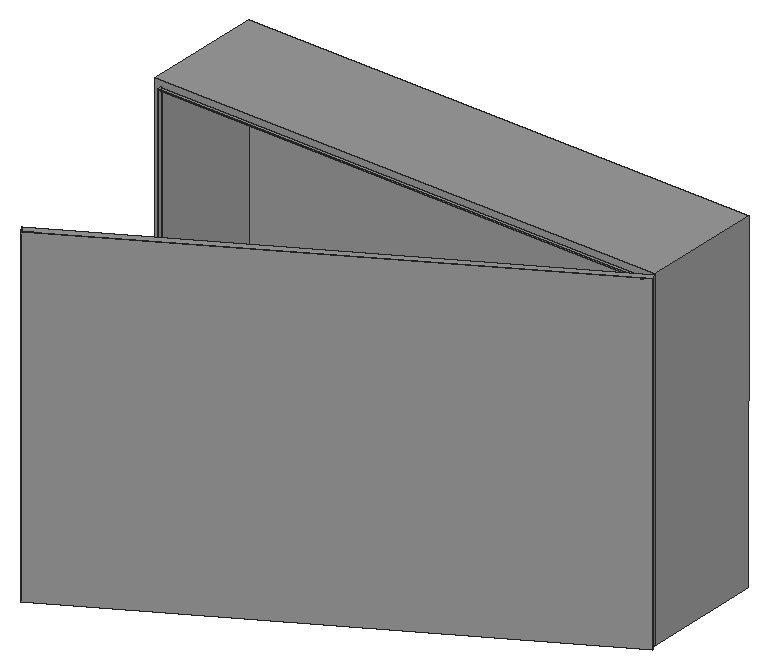
Revit family "Hager-Orion_Inox-IP55-D300-Cl.I-Inox_encl-630A-800mm-NoHosted-CH-fr", category Equipement électrique, Revit 2020
Family settings
  Configuration du panneau = Deux colonnes, circuits au sein
  Cote de connecteur circulaire = Utiliser le diamètre
  Type d'élément = Tableau de raccordement
  Basée sur le plan de construction = Oui
  Toujours verticalement = Oui
  Couper avec des vides une fois chargée = Non
  Partagée = Non
  Point de calcul de pièce = Non
Parameters (values of type "saillie IP55 L1200 H800 P300  - FL055BWL")
  Width Control [instance] = if([EF000008 - largeur] > Min Width, [EF000008 - largeur], Min Width)  # 1200 mm
  Commentaires du type = [HG000003 - Gamme]  # "Orion Inox"
  Thickness Door [instance] = if([EF009171 - épaisseur de matériau de la porte/du couvercle] > 3 mm, 3 mm, [EF009171 - épaisseur de matériau de la porte/du couvercle])  # 1.5 mm
  Seal Frame Offset [instance] = 17 mm  # constant formula
  Min Width [instance] = 100 mm  # constant formula
  Min Depth [instance] = (2 * [EF009170 - épaisseur de matériau du boîtier]) + 1 mm  # 4 mm
  Min Height [instance] = 100 mm  # constant formula
  Internal Frame Depth [instance] = -(Door System Depth * 0.5)  # -9 mm
  Panel Name [instance] = ""  # (empty or 0)
  Model = ""
  HG000027 - Hauteur du socle = 0 mm
  HG000026 - Installation au sol = no
  HG000024 - Hauteur de la section basse = 600 mm
  HG000023 - Armoire double section = no
  HG000016 - Visibilité de la porte 3D [instance] = yes
  HG000015 - Visibilité de l'emprise de la porte [instance] = no
  HG000014 - Porte à droite [instance] = yes
  HG000013 - Porte à gauche [instance] = not([HG000014 - Porte à droite])  # no
  HG000012 - Angle de pivotement de la porte [instance] = 30.00°
  HG000010 - Portes asymétriques = no
  HG000009 - Porte à double battant = no
  HG000006 - Encastré = no
  HG000004 - Référence fabricant = "FL055BWL"
  HG000003 - Gamme = "Orion Inox"
  HG000002 - avec porte = yes
  Frame Offset Bottom [instance] = 10 mm  # constant formula
  Frame Offset [instance] = 15 mm  # constant formula
  EF015940 - couvercle avec décharge de pression = no
  EF011959 - degré de protection (NEMA) = ""
  EF009554 - nombre d'ouvertures pour plaques à bride = 0
  EF009212 - finition du couvercle = "EV000116 - fermé"
  EF009171 - épaisseur de matériau de la porte/du couvercle = 1.5 mm
  EF009170 - épaisseur de matériau du boîtier = 1.5 mm
  EF008873 - courant nominal (In) = 630 A
  EF007800 - adapté à un parafoudre = no
  EF006306 - avec serrure = yes
  EF006244 - couvercle/porte transparent(e) = no
  EF005474 - indice de protection (IP) = "EV006420 - IP55"
  EF004464 - type de porte = "EV003602 - double"
  EF004427 - nombre de modules = 0
  EF004293 - indice de protection contre les chocs (IK) = "EV008784 - IK10"
  EF003532 - convient pour utilisation à l’extérieur = yes
  EF002950 - largeur en nombre de modules = 0
  EF001613 - maintien de fonction = "EV000494 - sans"
  EF001596 - matériau du boîtier/corps = "EV000166 - acier inoxydable"
  EF001131 - profondeur intérieure = 266 mm
  EF001088 - possibilité de montage en saillie = yes
  EF000437 - nombre d'entrées de conduit = 0
  EF000339 - type de capot = "EV004216 - porte"
  EF000266 - nombre de rangées = 0
  EF000218 - profondeur d'encastrement = 0 mm
  EF000118 - avec cadre/support de montage = no
  EF000116 - numéro RAL = ""
  EF000049 - profondeur = 300 mm
  EF000040 - hauteur = 800 mm
  EF000008 - largeur = 1200 mm
  EF000007 - couleur = "EV000154 - autre"
  EF000003 - mode de pose = "EV000384 - saillie"
  Door System Leaf Tolerance [instance] = 1.5 mm  # constant formula
  Door System Depth [instance] = 18 mm  # constant formula
  Description = ""
  Default Elevation = 1219.2 mm
  Connector Offset [instance] = Height Control / 2  # 400 mm
  Fabricant = "Hager"  # constant formula
  Height Control [instance] = if([EF000040 - hauteur] > Min Height, [EF000040 - hauteur], Min Height)  # 800 mm
  Depth Control [instance] = if([EF000049 - profondeur] > Min Depth, [EF000049 - profondeur], Min Depth)  # 300 mm
Types (4, lengths in mm): name | Width Control | HG000004 - Référence fabricant | EF000008 - largeur
  saillie IP55 L1000 H800 P300  - FL054BW | 1000 | "FL054BW" | 1000
  saillie IP55 L1000 H800 P300  - FL054BWL | 1000 | "FL054BWL" | 1000
  saillie IP55 L1200 H800 P300  - FL055BW | 1200 | "FL055BW" | 1200
  saillie IP55 L1200 H800 P300  - FL055BWL | 1200 | "FL055BWL" | 1200
Reference planes
  plane 1 "Center (Front/Back)": y = 0
  plane 2: z = 0
  plane 3 "Center (Left/Right)": x = 0
  plane 4: y = 0
  plane 5: y = 0
  plane 6: z = 0
  plane 7: x = -600
  plane 8: x = 600
  plane 9: x = 598.5
  plane 10: x = -598.5
  plane 11: z = 0
  plane 12: z = 1.5
  plane 13: y = -300
  plane 14: y = -1.5
  plane 15: x = 0
  plane 16: y = -282
  plane 17: y = -298.5
  plane 18: y = -280.5
  plane 19: x = -583.5
  plane 20: x = 583.5
  plane 21: z = 11.5
  plane 22: x = -583
  plane 23: x = 583
  plane 24: z = 0
  plane 25: z = 800
  plane 26: z = 800
  plane 27: z = 783.5
  plane 28: z = 798.5
Forms (mm)
  Extrusion 1, solid, material "Hager_Stainless_Steel", detail levels medium+fine
    sketch origin (-208.679, -4572, 0) x (-1, 0, 0) y (0, -1, 0)
      loop
        line (391.321, -4290) -> (-808.679, -4290) -> (-808.679, -4572) -> (391.321, -4572) -> (391.321, -4290)
    from 0 to 800
  Extrusion 2, void
    sketch origin (-350.771, -300, 1219.2) x (1, 0, 0) y (0, 0, 1)
      loop
        line (-247.729, -420.7) -> (-247.729, -1217.7) -> (949.271, -1217.7) -> (949.271, -420.7) -> (-247.729, -420.7)
    from -19.5 to -298.5
  Extrusion 3, void
    sketch origin (-290.084, -282, 1219.2) x (1, 0, 0) y (0, 0, 1)
      loop
        line (-293.416, -1207.7) -> (873.584, -1207.7) -> (873.584, -435.7) -> (-293.416, -435.7) -> (-293.416, -1207.7)
    from 0 to -1.5
  Extrusion 4, solid, material "Hager_Stainless_Steel", detail levels fine
    sketch origin (-290.084, -282, 1219.2) x (-1, 0, 0) y (0, 0, 1)
      loop
        line (-873.584, -1207.7) -> (293.416, -1207.7) -> (293.416, -435.7) -> (-873.584, -435.7) -> (-873.584, -1207.7)
      loop
        line (-875.084, -1209.2) -> (294.916, -1209.2) -> (294.916, -434.2) -> (-875.084, -434.2) -> (-875.084, -1209.2)
    from 0 to -9 <- "Internal Frame Depth"
  Extrusion 5, solid, material "Hager_Stainless_Steel", detail levels coarse
    sketch origin (0, 0, 0) x (1, 0, 0) y (0, 1, 0)
      loop
        line (-600, 0) -> (-600, -300) -> (600, -300) -> (600, 0) -> (-600, 0)
    from 0 to 800 <- "Height Control"
Cuts and joins
  Extrusion 2, Extrusion 3 cuts Extrusion 1
Lines and regions (mm)
  Masking region 1
    outline origin (0, 0, 0) x (1, 0, 0) y (0, 1, 0)
      loop
        line (-600, 0) -> (-600, -300) -> (600, -300) -> (600, 0) -> (-600, 0)
  Masking region 2
    outline origin (-290.084, -282, 1219.2) x (-1, 0, 0) y (0, 0, 1)
      loop
        line (-890.084, -1219.2) -> (309.916, -1219.2) -> (309.916, -419.2) -> (-890.084, -419.2) -> (-890.084, -1219.2)
  Masking region 3, detail levels coarse
    outline origin (0, 0, 0) x (0, 1, 0) y (0, 0, 1)
      loop
        line (0, 0) -> (0, 800) -> (-300, 800) -> (-300, 0) -> (0, 0)
  Masking region 4, detail levels medium+fine
    outline origin (0, 0, 594.038) x (0, 1, 0) y (0, 0, 1)
      loop
        line (0, -594.038) -> (0, 205.962) -> (-282, 205.962) -> (-282, -594.038) -> (0, -594.038)
Dimensions and locks
  locked: plane 1 "Center (Front/Back)" to plane 5
  "EF009170 - épaisseur de matériau du boîtier": plane 7 to plane 10
  "EF009170 - épaisseur de matériau du boîtier": plane 8 to plane 9
  equal spacing: plane 7, plane 3 "Center (Left/Right)", plane 8
  "Width Control": plane 7 to plane 8
  "Depth Control": plane 4 to plane 13
  "EF009170 - épaisseur de matériau du boîtier": plane 4 to plane 14
  "Height Control": plane 25 to level
  "EF009170 - épaisseur de matériau du boîtier": plane 12 to plane 11
  "EF009170 - épaisseur de matériau du boîtier": plane 17 to plane 13
  "EF009170 - épaisseur de matériau du boîtier": plane 18 to plane 16
  "Frame Offset Bottom": plane 21 to plane 12
  "Frame Offset": plane 10 to plane 19
  "Frame Offset": plane 9 to plane 20
  "Door System Depth": plane 16 to plane 13
  "Seal Frame Offset": plane 7 to plane 22
  "Seal Frame Offset": plane 8 to plane 23
  "EF009170 - épaisseur de matériau du boîtier": plane 26 to plane 28
  "Frame Offset": plane 28 to plane 27
  "Connector Offset": plane 2 to connector elem
  "Thickness Door": cut or joined group of Extrusion 1, Extrusion 2, Extrusion 3 to Extrusion 4 sketch curve
  "Thickness Door": Extrusion 4 sketch curve to plane 19
  "Thickness Door": Extrusion 4 sketch curve to plane 20
  "Thickness Door": Extrusion 4 sketch curve to plane 27
  aligned and locked: Extrusion 2 sketch curve to plane 12
  aligned and locked: Extrusion 2 sketch curve to plane 9
  aligned and locked: Extrusion 2 sketch curve to plane 10
  aligned and locked: Extrusion 2 to plane 14
  aligned and locked: Extrusion 1 sketch curve to plane 4
  aligned and locked: plane 8 to Extrusion 1 sketch curve
  aligned and locked: plane 7 to Extrusion 1 sketch curve
  aligned and locked: Extrusion 2 to plane 18
  aligned and locked: Extrusion 3 sketch curve to plane 19
  aligned and locked: plane 20 to Extrusion 3 sketch curve
  aligned and locked: Extrusion 3 to Extrusion 2
  aligned and locked: Extrusion 3 sketch curve to plane 21
  aligned and locked: plane 3 "Center (Left/Right)" to nested 1
  aligned and locked: Extrusion 1 sketch curve to plane 16
  aligned and locked: Masking region 1 sketch curve to plane 7
  aligned and locked: Masking region 1 sketch curve to plane 5
  aligned and locked: Masking region 1 sketch curve to plane 8
  aligned and locked: Masking region 2 sketch curve to level
  aligned and locked: level to Masking region 3 sketch curve
  aligned and locked: plane 1 "Center (Front/Back)" to Masking region 3 sketch curve
  aligned and locked: plane 13 to Masking region 3 sketch curve
  aligned and locked: Masking region 2 sketch curve to plane 8
  aligned and locked: Masking region 2 sketch curve to plane 7
  aligned and locked: plane 7 to nested 2
  aligned and locked: nested 2 to plane 5
  aligned and locked: plane 5 to Masking region 4 sketch curve
  aligned and locked: plane 26 to Masking region 4 sketch curve
  aligned and locked: Extrusion 5 sketch curve to plane 8
  aligned and locked: Extrusion 5 sketch curve to plane 7
  aligned and locked: Extrusion 5 sketch curve to plane 5
  aligned and locked: Extrusion 3 sketch curve to plane 27
  aligned and locked: Extrusion 2 sketch curve to plane 28
  aligned and locked: Extrusion 4 sketch curve to plane 27
  aligned and locked: Extrusion 4 sketch curve to plane 20
  aligned and locked: Extrusion 4 sketch curve to plane 21
  aligned and locked: Extrusion 4 sketch curve to plane 19
  aligned and locked: Masking region 2 to plane 25
  aligned and locked: Masking region 4 sketch curve to plane 24
  aligned and locked: Masking region 1 to plane 13
  aligned and locked: nested 1 to plane 16
  aligned and locked: Masking region 3 to plane 25
  aligned and locked: Masking region 4 sketch curve to plane 16
  aligned and locked: plane 24 to plane 11
  aligned and locked: plane 26 to plane 25
  aligned and locked: level to plane 24
  aligned and locked: Extrusion 1 to Masking region 3
  aligned and locked: nested 1 to level
Automatic sketch dimensions
  Extrusion 5 sketch curve to plane 13 = 0 mm
  plane 27 to Masking region 2 sketch curve = 16.5 mm
  plane 27 to Masking region 3 sketch curve = 16.5 mm
  Masking region 1 sketch curve to plane 13 = 0 mm
  Extrusion 3 sketch curve to plane 21 = 0 mm
  plane 19 to Extrusion 3 sketch curve = 0 mm
  Extrusion 3 sketch curve to plane 20 = 0 mm
Nested families
  nested 1: "EC000058_OrionInox_Door" at (0, -282, 0), Double <- "HG000009 - Porte à double battant", Transparent <- "EF006244 - couvercle/porte transparent(e)", Angle <- "HG000012 - Angle de pivotement de la porte", Door_Right <- "HG000014 - Porte à droite", Assymetrical <- "HG000010 - Portes asymétriques", Door <- "HG000002 - avec porte", Width_Ctrl <- "Width Control", 3d_Door <- "HG000016 - Visibilité de la porte 3D", Clearance <- "HG000015 - Visibilité de l'emprise de la porte", Door_Left <- "HG000013 - Porte à gauche", Width <- "Width Control", Door_Depth <- "Door System Depth", Leaf_Tolerance <- "Door System Leaf Tolerance", Height <- "Height Control", Thickness <- "Thickness Door", type "EC000058_OrionInox_Door", detail levels medium+fine
    with min_wh 4 mm, Width_Ctrl 1200 mm, Width 1200 mm, Transparent no, Thickness 1.5 mm, Seal_Material Hager_Rubber, Leaf_Width 1200 mm, Leaf_Tolerance_External_Sides 0 mm, Leaf_Tolerance 1.5 mm, Leaf_Offset 0 mm, Leaf_Height 797 mm, Leaf_2_Width 1200 mm, Leaf_2_Offset 600 mm, Leaf_1_Width 1200 mm, Leaf_1_Offset 600 mm, Height_Ctrl 800 mm, Height 800 mm, Glass_Material Hager_Glass, Double_Clearance_Ctrl no, Double no, Door_Right_Ctrl yes, Door_Right yes, Door_Material Hager_Stainless_Steel, Door_Left_Ctrl no, Door_Left no, Door_Depth 18 mm, Door yes, Clearance_Material Hager_Clearance, Clearance_Depth 1200 mm, Clearance_Ctrl no, Clearance no, Assymetrical no, Angle 30.00°, 3d_Door yes
  nested 2: "Hager_Enclosure_Symbol" at (-600, 0, 0), Height <- "Depth Control", Width <- "Width Control", type "Hager_Enclosure_Symbol"
    with Width_Ctrl 1200 mm, Width 1200 mm, Height_Ctrl 300 mm, Height 300 mm, A_Width_Int 19.688 mm, A_Width 236.25 mm, A_Height_Ctrl 262.5 mm, A_Height 262.5 mm
Connectors
  electrical at (0, 0, 400)
    settings: on plane 1 "Center (Front/Back)", index 1, voltage 0 V, apparent load 0 VA, apparent load phase1 0 VA, apparent load phase2 0 VA, apparent load phase3 0 VA, power factor 1, load classification "Other", number of poles 1, system type 30, power factor state 1, is connector primary yes, connector utility no, sub classification motor no, connector description ""
Definition of nested family "EC000058_OrionInox_Door"
  Parameters (values of type "EC000058_OrionInox_Door")
    min_wh [instance] = (2 * Thickness) + 1 mm  # 11 mm
    Width_Ctrl [instance] = 400 mm
    Width [instance] = 500 mm
    Transparent [instance] = yes
    Thickness [instance] = 5 mm
    Seal_Material [instance] = none
    Leaf_Width [instance] = if((Width_Ctrl - 2 * Leaf_Tolerance_External_Sides) > 0 mm, (Width_Ctrl - 2 * Leaf_Tolerance_External_Sides), min_wh)  # 400 mm
    Leaf_Tolerance_External_Sides [instance] = 0 mm  # constant formula
    Leaf_Tolerance [instance] = 1.5 mm
    Leaf_Offset [instance] = 0 mm  # constant formula
    Leaf_Height [instance] = if((Height_Ctrl - 2 * Leaf_Tolerance) > 0 mm, (Height_Ctrl - 2 * Leaf_Tolerance), min_wh)  # 497 mm
    Leaf_2_Width [instance] = if(and(and(Double, Assymetrical), Door_Left), (Leaf_Width / 3) - (Leaf_Tolerance / 2), if(and(and(Double, Assymetrical), Door_Right), (Leaf_Width / 3) * 2 - (Leaf_Tolerance / 2), if(and(Double, not(Assymetrical)), (Leaf_Width / 2) - Leaf_Tolerance, Leaf_Width)))  # 400 mm
    Leaf_2_Offset [instance] = if(and(Double, Assymetrical), Leaf_2_Width / 2, if(and(Double, not(Assymetrical)), Leaf_Width / 4, Leaf_Width / 2))  # 200 mm
    Leaf_1_Width [instance] = if(and(and(Double, Assymetrical), Door_Right), (Leaf_Width / 3) - (Leaf_Tolerance / 2), if(and(and(Double, Assymetrical), Door_Left), (Width / 3) * 2 - (Leaf_Tolerance / 2), if(and(Double, not(Assymetrical)), (Leaf_Width / 2) - Leaf_Tolerance, Leaf_Width)))  # 400 mm
    Leaf_1_Offset [instance] = if(and(Double, Assymetrical), Leaf_1_Width / 2, if(and(Double, not(Assymetrical)), Leaf_Width / 4, Leaf_Width / 2))  # 200 mm
    Height_Ctrl [instance] = if(Height > min_wh, Height, min_wh)  # 500 mm
    Height [instance] = 500 mm
    Glass_Material [instance] = none
    Double_Clearance_Ctrl [instance] = and(Double, Clearance)  # no
    Double [instance] = no
    Door_Right_Ctrl [instance] = and(or(Door_Right, Double), Door)  # yes
    Door_Right [instance] = yes
    Door_Material [instance] = none
    Door_Left_Ctrl [instance] = and(or(Door_Left, Double), Door)  # no
    Door_Left [instance] = no
    Door_Depth [instance] = 30 mm
    Door [instance] = yes
    Default Elevation = 1219.2 mm
    Clearance_Material [instance] = none
    Clearance_Depth [instance] = if(Leaf_1_Width > Leaf_2_Width, Leaf_1_Width, Leaf_2_Width)  # 400 mm
    Clearance_Ctrl [instance] = and(not(Double), Clearance)  # yes
    Clearance [instance] = yes
    Assymetrical [instance] = yes
    Angle [instance] = 30.00°
    3d_Door [instance] = yes
  Reference planes
    plane 1 "Center (Front/Back)": y = 0
    plane 2 "Bottom": z = 0
    plane 3 "Center (Left/Right)": x = 0
    plane 4: z = 500
    plane 5: x = -200
    plane 6: x = 200
    plane 7: z = 500
    plane 8: x = -200
    plane 9: z = 0
    plane 10: x = 200
    plane 11: y = 0
    plane 12: z = 1.5
    plane 13: x = -600
    plane 14: y = -400
    plane 15: x = 600
    plane 16: x = 0
    plane 17: x = 0
    plane 18: x = -200
    plane 19: x = 200
    plane 20: z = 498.5
  Forms (mm)
    Extrusion 1, solid, material <- "Clearance_Material", visible <- "Double_Clearance_Ctrl"
      sketch origin (1200, 0, 0) x (1, 0, 0) y (0, 0, -1)
        loop
          line (-1800, -498.5) -> (-600, -498.5) -> (-600, 0) -> (-1800, 0) -> (-1800, -498.5)
      from 0 to -400
  Dimensions and locks
    equal spacing: plane 5, plane 3 "Center (Left/Right)", plane 6
    "Width_Ctrl": plane 5 to plane 6
    "Leaf_Offset": plane 5 to plane 8
    "Leaf_Offset": plane 6 to plane 10
    "Leaf_Offset": plane 9 to level
    "Leaf_Offset": plane 4 to plane 7
    "Height_Ctrl": plane 4 to level
    "Leaf_Tolerance": plane 12 to plane 9
    locked: plane 11 to plane 1 "Center (Front/Back)"
    "Leaf_1_Offset": plane 18 to plane 16
    "Leaf_2_Offset": plane 17 to plane 19
    "Leaf_1_Width": plane 13 to plane 8
    "Leaf_2_Width": plane 10 to plane 15
    "Clearance_Depth": plane 14 to plane 1 "Center (Front/Back)"
    "Leaf_Tolerance_External_Sides": plane 8 to plane 18
    "Leaf_Tolerance_External_Sides": plane 19 to plane 10
    "Leaf_Tolerance": plane 7 to plane 20
    aligned and locked: level to plane 2 "Bottom"
    aligned and locked: nested 1 to plane 16
    aligned and locked: nested 2 to plane 17
    aligned and locked: Extrusion 1 to plane 13
    aligned and locked: plane 15 to Extrusion 1
    aligned and locked: Extrusion 1 to plane 14
    aligned and locked: plane 12 to nested 1
    aligned and locked: nested 2 to plane 12
    aligned and locked: Extrusion 1 to plane 11
    aligned and locked: plane 20 to Extrusion 1
    aligned and locked: nested 2 to plane 11
    aligned and locked: nested 1 to plane 11
  Automatic sketch dimensions
    Extrusion 1 sketch curve to level = 0 mm
    plane 5 to Extrusion 1 sketch curve = 400 mm
    plane 6 to Extrusion 1 sketch curve = 400 mm
    Extrusion 1 sketch curve to plane 4 = 1.5 mm
  Nested families
    nested 1: "EC000058_OrionInox_Door_Leaf" at (0, 0, 1.5), Width <- "Leaf_1_Width", visible <- "Door_Left_Ctrl", Leaf_Height <- "Leaf_Height", Angle <- "Angle", 3d_Door <- "3d_Door", Transparent <- "Transparent", Clearance Material <- "Clearance_Material", Clearance <- "Clearance_Ctrl", Door_Material <- "Door_Material", Glass_Material <- "Glass_Material", Door_Depth <- "Door_Depth", Seal_Material <- "Seal_Material", Thickness <- "Thickness", type "EC000058_OrionInox_Door_Leaf"
      with Width 400 mm, Transparent_Ctrl yes, Transparent yes, Thickness 5 mm, Standard no, Seal_Material none, Seal_D2 8 mm, Seal_D1 1 mm, Offset_Internal_Frame 10 mm, Lock_Width 28 mm, Lock_Thickness 2 mm, Lock_Radius 6 mm, Leaf_Height 497 mm, Internal_Seal_Thickness 8 mm, Internal_Seal_Depth_2 4.5 mm, Internal_Frame_Depth 25 mm, Glass_Thickness -1 mm, Glass_Offset -2 mm, Glass_Material none, Door_Material none, Door_Depth 30 mm, Clearance Material none, Clearance yes, Angle_Ctrl 30.00°, Angle 30.00°, 3d_Door yes
    nested 2: "EC000058_OrionInox_Door_Leaf" at (0, 0, 1.5) x (-1, 0, 0) z (0, 0, 1), Width <- "Leaf_2_Width", visible <- "Door_Right_Ctrl", Leaf_Height <- "Leaf_Height", Angle <- "Angle", 3d_Door <- "3d_Door", Transparent <- "Transparent", Clearance Material <- "Clearance_Material", Clearance <- "Clearance_Ctrl", Door_Material <- "Door_Material", Glass_Material <- "Glass_Material", Door_Depth <- "Door_Depth", Seal_Material <- "Seal_Material", Thickness <- "Thickness", type "EC000058_OrionInox_Door_Leaf"
      with Width 400 mm, Transparent_Ctrl yes, Transparent yes, Thickness 5 mm, Standard no, Seal_Material none, Seal_D2 8 mm, Seal_D1 1 mm, Offset_Internal_Frame 10 mm, Lock_Width 28 mm, Lock_Thickness 2 mm, Lock_Radius 6 mm, Leaf_Height 497 mm, Internal_Seal_Thickness 8 mm, Internal_Seal_Depth_2 4.5 mm, Internal_Frame_Depth 25 mm, Glass_Thickness -1 mm, Glass_Offset -2 mm, Glass_Material none, Door_Material none, Door_Depth 30 mm, Clearance Material none, Clearance yes, Angle_Ctrl 30.00°, Angle 30.00°, 3d_Door yes
  Definition of nested family "EC000058_OrionInox_Door_Leaf"
    Parameters (values of type "EC000058_OrionInox_Door_Leaf")
      Width [instance] = 450 mm
      Transparent_Ctrl [instance] = and(Transparent, [3d_Door])  # yes
      Transparent [instance] = yes
      Thickness [instance] = 5 mm
      Standard [instance] = and(not(Transparent), [3d_Door])  # no
      Seal_Material [instance] = none
      Seal_D2 [instance] = 8 mm  # constant formula
      Seal_D1 [instance] = 1 mm  # constant formula
      Offset_Internal_Frame [instance] = 10 mm  # constant formula
      Lock_Width [instance] = Door_Depth - Lock_Thickness  # 28 mm
      Lock_Thickness [instance] = 2 mm  # constant formula
      Lock_Radius [instance] = 6 mm  # constant formula
      Leaf_Height [instance] = 450 mm
      Internal_Seal_Thickness [instance] = 8 mm  # constant formula
      Internal_Seal_Depth_2 [instance] = 4.5 mm  # constant formula
      Internal_Frame_Depth [instance] = if(Door_Depth - Thickness > 5 mm, Door_Depth - Thickness, 5 mm)  # 25 mm
      Glass_Thickness [instance] = if(Thickness > 15 mm, Glass_Offset + 10 mm, -1 mm)  # -1 mm
      Glass_Offset [instance] = if(Thickness > 15 mm, -(Thickness + 10 mm) / 2, -2 mm)  # -2 mm
      Glass_Material [instance] = none
      Door_Material [instance] = none
      Door_Depth [instance] = 30 mm
      Default Elevation = 0 mm
      Clearance Material [instance] = none
      Clearance [instance] = yes
      Angle_Ctrl [instance] = if(Angle > 180.00°, 180.00°, Angle)  # 90.00°
      Angle [instance] = 90.00°
      3d_Door [instance] = yes
    Reference planes
      plane 1 "Center (Front/Back)": y = 0
      plane 2: z = 0
      plane 3 "Center (Left/Right)": x = 0
      plane 4: y = 450
      plane 5: x = -225
      plane 6: x = 225
      plane 7: x = -675
      plane 8: z = 450
      plane 9: z = 30
      plane 10: z = 420
      plane 11: x = 195
      plane 12: x = -195
      plane 13: y = -3
      plane 14: z = 107.833
      plane 15: y = -5
      plane 16: y = -223.314
      plane 17: x = -225
      plane 18: y = 30
    Forms (mm)
      Extrusion 1, solid, material <- "Clearance Material", visible <- "Clearance"
        sketch origin (0, 0, 0) x (1, 0, 0) y (0, 0, 1)
          loop
            line (-675, 450) -> (-675, 0) -> (225, 0) -> (225, 450) -> (-675, 450)
        from 0 to -450
      Extrusion 2, solid, material <- "Door_Material", visible <- "Standard", detail levels medium+fine
        sketch origin (-225, 0, 0) x (0, 1, 0) y (-1, 0, 0)
          loop
            line (0, 30) -> (0, 25) -> (450, 25) -> (450, 30) -> (0, 30)
        from 0 to 450 <- "Leaf_Height"
      Extrusion 3, solid, material <- "Door_Material", visible <- "Transparent_Ctrl", detail levels medium+fine
        sketch origin (-225, 0, 0) x (0, 1, 0) y (-1, 0, 0)
          loop
            line (0, 25) -> (450, 25) -> (450, 30) -> (0, 30) -> (0, 25)
        from 0 to 450 <- "Leaf_Height"
      Extrusion 4, void
        sketch origin (-250, 450, 0) x (0, 1, 0) y (0, 0, -1)
          loop
            line (-30, -420) -> (-30, -30) -> (-420, -30) -> (-420, -420) -> (-30, -420)
        from 0 to 5 <- "Thickness"
      Sweep 5, solid, material <- "Seal_Material", visible <- "Transparent_Ctrl", detail levels fine
        path in 3D
          loop
            line (-250, 30, 30) -> (-250, 30, 420) -> (-250, 420, 420) -> (-250, 420, 30) -> (-250, 30, 30)
        profile origin (-250, 225, 30) x (1, 0, 0) y (0, 0, 1)
          loop
            line (0, 0) -> (0, -8) -> (1, -8) -> (1, 0) -> (0, 0)
      Extrusion 6, solid, material <- "Glass_Material", visible <- "Transparent_Ctrl", detail levels medium+fine
        sketch origin (-255, 0, 0) x (0, 1, 0) y (0, 0, -1)
          loop
            line (420, -420) -> (420, -30) -> (30, -30) -> (30, -420) -> (420, -420)
        from -2 <- "Glass_Offset" to -1 <- "Glass_Thickness"
      Extrusion 7, solid, material <- "Door_Material", visible <- "3d_Door", detail levels medium+fine
        sketch origin (-250, 450, 0) x (0, -1, 0) y (0, 0, -1)
          loop
            line (0, -450) -> (450, -450) -> (450, 0) -> (0, 0) -> (0, -450)
          loop
            line (445, -5) -> (5, -5) -> (5, -445) -> (445, -445) -> (445, -5)
        from 0 to 25 <- "Internal_Frame_Depth"
      Sweep 8, solid, material <- "Seal_Material", visible <- "Transparent_Ctrl", detail levels fine
        path in 3D
          loop
            line (-250, 0, 0) -> (-250, 450, 0) -> (-250, 450, 450) -> (-250, 0, 450) -> (-250, 0, 0)
        profile origin (-250, 0, 225) x (1, 0, 0) y (0, 1, 0)
          loop
            line (0, 10) -> (2.975, 10)
            arc (2.975, 10) -> (4.053, 10.447) -> (4.5, 11.525) r 1.525
            line (4.5, 11.525) -> (4.5, 16.527)
            arc (4.5, 16.527) -> (4.069, 17.569) -> (3.027, 18) r 1.473
            line (3.027, 18) -> (0, 18) -> (0, 10)
    Cuts and joins
      Extrusion 4 cuts Extrusion 3
    Lines and regions (mm)
      Masking region 1, detail levels medium+fine
        outline origin (0, 0, 0) x (0, 1, 0) y (0, 0, 1)
          loop
            line (0, 0) -> (30, 0) -> (30, 450) -> (0, 450) -> (0, 0)
      Masking region 2, detail levels medium+fine
        outline origin (0, 0, 0) x (1, 0, 0) y (0, 0, 1)
          loop
            line (-225, 450) -> (-225, 0) -> (225, 0) -> (225, 450) -> (-225, 450)
      symbolic lines
        curve 1: line (225, 0, 0) -> (-675, 0, 0)
        curve 2: arc (225, 0, 0) -> (-225, 450, 0) -> (-675, 0, 0) r 450
        curve 4: line (-255, 0, 0) -> (-255, 450, 0)
      reference lines
        curve 3: line (-225, 0, 0) -> (-225, 450, 0)
      symbolic lines, detail levels medium+fine
        curve 5: line (-255, 450, 0) -> (-250, 450, 0)
        curve 7: line (-250, 0, 0) -> (-255, 0, 0)
        curve 8: line (-250, 0, 0) -> (-225, 0, 0)
        curve 9: line (-225, 0, 0) -> (-225, 450, 0)
        curve 10: line (-225, 450, 0) -> (-250, 450, 0)
      symbolic lines, detail levels fine
        curve 6: line (-250, 450, 0) -> (-250, 0, 0)
      sketch lines
        curve 11: line (-250, 0, 450) -> (-250, 0, 0)
        curve 12: line (-250, 450, 0) -> (-250, 0, 0)
        curve 13: line (-250, 450, 450) -> (-250, 450, 0)
        curve 14: line (-250, 0, 450) -> (-250, 450, 450)
        curve 15: line (-250, 420, 30) -> (-250, 30, 30)
        curve 16: line (-250, 30, 30) -> (-250, 30, 420)
        curve 17: line (-250, 420, 420) -> (-250, 420, 30)
        curve 18: line (-250, 30, 420) -> (-250, 420, 420)
      symbolic lines, visible <- "Transparent", detail levels medium+fine
        curve 19: line (-195, 0, 420) -> (195, 0, 420)
        curve 20: line (-195, 0, 30) -> (-195, 0, 420)
        curve 21: line (195, 0, 30) -> (-195, 0, 30)
        curve 22: line (195, 0, 420) -> (195, 0, 30)
    Dimensions and locks
      "Width": plane 1 "Center (Front/Back)" to plane 4
      equal spacing: plane 5, plane 3 "Center (Left/Right)", plane 6
      "Width": plane 5 to plane 6
      "Width": plane 7 to plane 5
      "Leaf_Height": plane 8 to level
      "Width": curve 5 to curve 3
      "Width": curve 3 to curve 3
      plane 8 to plane 10 = 30 mm
      plane 9 to level = 30 mm
      plane 12 to plane 5 = 30 mm
      plane 6 to plane 11 = 30 mm
      Extrusion 4 sketch curve to Extrusion 3 = 30 mm
      Extrusion 3 to Extrusion 4 sketch curve = 30 mm
      Extrusion 1 to Extrusion 4 sketch curve = 30 mm
      curve 3 to Extrusion 4 sketch curve = 30 mm
      Extrusion 4 sketch curve to cut or joined group of Extrusion 3, Extrusion 4 = 30 mm
      cut or joined group of Extrusion 3, Extrusion 4 to Extrusion 6 sketch curve = 30 mm
      cut or joined group of Extrusion 3, Extrusion 4 to Extrusion 4 sketch curve = 30 mm
      "Thickness": curve 6 to curve 4
      "Thickness": Extrusion 7 sketch curve to Extrusion 7 sketch curve  (x4)
      "Door_Depth": curve 4 to curve 3
      "Offset_Internal_Frame": profile plane to Sweep 8 sketch curve
      "Internal_Seal_Thickness": Sweep 8 sketch curve to Sweep 8 sketch curve
      "Internal_Seal_Depth_2": profile plane to Sweep 8 sketch curve
      "Seal_D1": profile plane to Sweep 5 sketch curve
      "Seal_D2": profile plane to Sweep 5 sketch curve
      "Thickness": Extrusion 2 sketch curve to Extrusion 2 sketch curve
      "Door_Depth": plane 18 to plane 1 "Center (Front/Back)"
      radius of Sweep 8 sketch curve = 1.525 mm
      radius of Sweep 8 sketch curve = 1.473 mm
      "Angle_Ctrl": angle plane 1 "Center (Front/Back)" to curve 3
      aligned and locked: level to plane 2
      aligned and locked: Extrusion 1 to curve 1
      aligned and locked: plane 6 to Extrusion 1
      aligned and locked: plane 1 "Center (Front/Back)" to Extrusion 1
      aligned and locked: plane 4 to Extrusion 1
      aligned and locked: plane 8 to Extrusion 1
      aligned and locked: curve 7 to Extrusion 2 sketch curve
      aligned and locked: curve 5 to Extrusion 2 sketch curve
      aligned and locked: curve 7 to Extrusion 3 sketch curve
      aligned and locked: Extrusion 3 sketch curve to curve 4
      aligned and locked: Extrusion 3 sketch curve to curve 6
      aligned and locked: Extrusion 3 sketch curve to curve 5
      aligned and locked: curve 9 to curve 3
      aligned and locked: Extrusion 7 sketch curve to cut or joined group of Extrusion 3, Extrusion 4  (x4)
      aligned and locked: plane 17 to curve 3
      aligned and locked: plane 1 "Center (Front/Back)" to curve 3
      aligned and locked: plane 17 to plane 5
      aligned and locked: Sweep 8 sketch curve to profile plane
      aligned and locked: Sweep 5 sketch curve to profile plane  (x2)
      aligned and locked: plane 1 "Center (Front/Back)" to Masking region 1 sketch curve
      aligned and locked: plane 18 to Masking region 1 sketch curve
      aligned and locked: level to Masking region 1 sketch curve
      aligned and locked: Masking region 1 sketch curve to plane 8
      aligned and locked: plane 17 to Masking region 2 sketch curve
      aligned and locked: level to Masking region 2 sketch curve
      aligned and locked: Masking region 2 sketch curve to plane 8
      aligned and locked: plane 12 to curve 20
      aligned and locked: plane 10 to curve 19
      aligned and locked: plane 11 to curve 22
      aligned and locked: plane 9 to curve 21
      aligned and locked: Extrusion 2 sketch curve to cut or joined group of Extrusion 3, Extrusion 4
    Automatic sketch dimensions
      plane 1 "Center (Front/Back)" to curve 2 = 0 mm
      curve 2 to plane 5 = 0 mm
      Extrusion 1 sketch curve to level = 0 mm
      Extrusion 1 sketch curve to plane 7 = 0 mm
      Extrusion 1 sketch curve to plane 6 = 0 mm
      Extrusion 1 sketch curve to plane 8 = 0 mm
      Extrusion 3 to Extrusion 6 sketch curve = 30 mm  (x4)
      Masking region 2 sketch curve to plane 6 = 0 mm
      curve 4 to curve 3 = 0 mm
Definition of nested family "Hager_Enclosure_Symbol"
  Parameters (values of type "Hager_Enclosure_Symbol")
    Width_Ctrl [instance] = if(Width > 1 mm, Width, 1 mm)  # 102.27 mm
    Width [instance] = 102.27 mm
    Height_Ctrl [instance] = if(Height > 1 mm, Height, 1 mm)  # 66.5 mm
    A_Width_Int [instance] = if(A_Width / 12 > 2 mm, A_Width / 12, 2 mm)  # 4.364 mm
    A_Width [instance] = if(A_Height_Ctrl * 0.9 > 2 mm, A_Height_Ctrl * 0.9, 2 mm)  # 52.369 mm
    A_Height_Ctrl [instance] = if(A_Height > 2 mm, A_Height, 2 mm)  # 58.188 mm
    Height [instance] = 66.5 mm
    A_Height [instance] = Height - (Height / 8)  # 58.188 mm
  Reference planes
    plane 1 "Centre (avant/arrière)": y = 0
    plane 2: z = 0
    plane 3 "Centre (gauche/droite)": x = 0
    plane 4: x = 52.369
    plane 5: y = 33.042
    plane 6: y = 41.77
    plane 7: y = 66.5
    plane 8: x = 26.184
    plane 9: y = 37.406
    plane 10: x = 102.27
    plane 11: y = 66.5
    plane 12: y = 8.313
  Lines and regions (mm)
    Filled region 1, type "Solid_Black", in view "Niveau de réf."
      outline origin (0, 0, 0) x (1, 0, 0) y (0, 1, 0)
        loop
          line (52.369, 66.5) -> (33.188, 54.536) -> (45.365, 45.006) -> (52.369, 66.5)
    Filled region 2, type "Solid_Black", in view "Niveau de réf."
      outline origin (0, 0, 0) x (1, 0, 0) y (0, 1, 0)
        loop
          line (0, 0) -> (102.27, 0) -> (102.27, 66.5) -> (0, 0)
    detail lines, in view "Niveau de réf."
      curve 1: line (0, 8.313, 0) -> (26.184, 41.77, 0)
      curve 2: line (26.184, 41.77, 0) -> (26.184, 33.042, 0)
      curve 3: line (26.184, 33.042, 0) -> (52.369, 66.5, 0)
  Dimensions and locks
    "A_Width": plane 3 "Centre (gauche/droite)" to plane 4
    equal spacing: plane 3 "Centre (gauche/droite)", plane 8, plane 4
    equal spacing: plane 6, plane 9, plane 5
    equal spacing: curve 3, Filled region 1 sketch curve, Filled region 1 sketch curve
    "Height_Ctrl": plane 1 "Centre (avant/arrière)" to plane 11
    "A_Height_Ctrl": plane 11 to plane 12
    equal spacing: plane 11, plane 9, plane 12
    "A_Width_Int": plane 6 to plane 9
    "Width_Ctrl": plane 3 "Centre (gauche/droite)" to plane 10
    angle Filled region 1 sketch curve to curve 3 = 20.00°
    angle curve 3 to Filled region 1 sketch curve = 20.00°
    locked: curve 3 to Filled region 1 sketch curve (angle 90.00°)
    aligned and locked: plane 10 to Filled region 2
    aligned and locked: plane 11 to Filled region 2 sketch curve
    aligned and locked: plane 10 to Filled region 2 sketch curve
    aligned and locked: plane 3 "Centre (gauche/droite)" to curve 1
    aligned and locked: plane 12 to curve 1
    aligned and locked: plane 7 to plane 11
  Automatic sketch dimensions
    Filled region 1 sketch curve to plane 4 = 0 mm
    Filled region 1 sketch curve to plane 7 = 0 mm
    plane 1 "Centre (avant/arrière)" to Filled region 2 sketch curve = 0 mm
    Filled region 2 sketch curve to plane 3 "Centre (gauche/droite)" = 0 mm
    curve 2 to plane 6 = 0 mm
    curve 2 to plane 8 = 0 mm
    curve 3 to plane 4 = 0 mm
    curve 2 to plane 5 = 0 mm
    curve 3 to plane 7 = 0 mm
